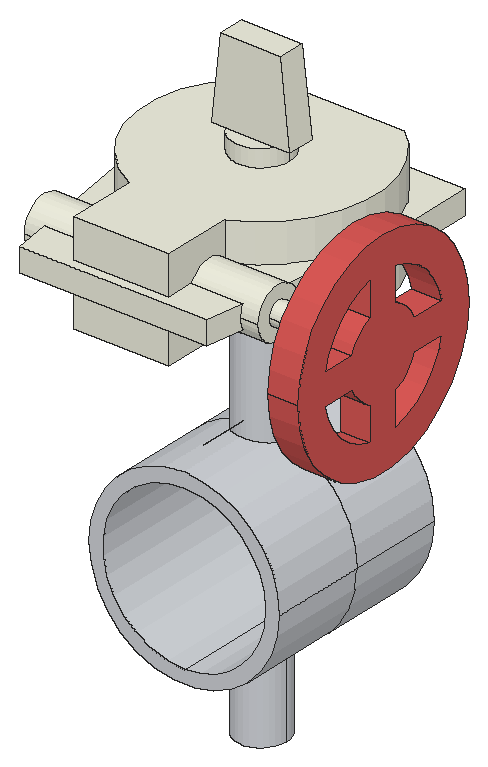
Revit family
Parameters (values of type "4"")
  PR = PD / 2  # 57.15 mm
  PD = 114.3 mm
  NR = ND / 2  # 48.9 mm
  ND = 97.8 mm
  EtE = 115.400 mm
  CtE = EtE / 2  # 57.700 mm
  CenTT = 133.000 mm
  CenTB = 108.000 mm
  Assembly Code = ""
Types (2, lengths in mm): name | PR | PD | NR | ND | EtE | CtE | CenTT | CenTB
  2 1/2" | 36.5 | 73 | 30.4 | 60.8 | 96.000 | 48.000 | 93.000 | 85.000
  4" | 57.15 | 114.3 | 48.9 | 97.8 | 115.400 | 57.700 | 133.000 | 108.000
Reference planes
  plane 1 "Center (Front/Back)": y = 0
  plane 2: z = 0
  plane 3 "Center (Left/Right)": x = 0
  plane 4 "Ref. Level": z = 0
  plane 5: x = -42.5
  plane 6: x = -28.5
  plane 7: x = 28.5
  plane 8: y = -105
  plane 9: y = 56
  plane 10: y = -111
  plane 11: y = 62
  plane 12: x = -72.5
  plane 13: x = 72.5
  plane 14: x = -56
  plane 15: x = 56
  plane 16: x = -28
  plane 17: x = 28
  plane 18: x = -18
  plane 19: x = 18
  plane 20: z = 225
  plane 21: y = -75
  plane 22: z = 220
  plane 23: y = -84
  plane 24: y = -66
  plane 25: z = 229
  plane 26: z = 211
  plane 27: z = -108
  plane 28: z = 133
  plane 29: z = 175
  plane 30: y = -57.7
  plane 31: y = 57.7
Forms (mm)
  Extrusion 1, solid
    sketch origin (0, 0, -85) x (1, 0, 0) y (0, 0, 1)
      loop
        circle (0, 85) r 57.15
    from 0 to 57.7 <- "CtE"
  Extrusion 2, solid
    sketch origin (0, 0, -85) x (1, 0, 0) y (0, 0, 1)
      loop
        circle (0, 85) r 57.15
    from 0 to -57.7
  Extrusion 3, solid
    sketch origin (0, 0, 93) x (1, 0, 0) y (0, 1, 0)
      loop
        circle (0, 0) r 45
    from 40 to 52
  Extrusion 4, solid, material "Steel_paint"
    sketch origin (0, 0, 145) x (1, 0, 0) y (0, 1, 0)
      loop
        line (-28.5, -62.839) -> (-28.5, -105) -> (28.5, -105) -> (28.5, -62.839)
        arc (28.5, -62.839) -> (68.662, -6.824) -> (40.311, 56) r 69
        line (40.311, 56) -> (-40.311, 56)
        arc (-40.311, 56) -> (-68.662, -6.824) -> (-28.5, -62.839) r 69
    from 0 to 23
  Extrusion 5, solid, material "Steel_paint"
    sketch origin (0, 0, 168) x (1, 0, 0) y (0, 1, 0)
      loop
        line (-72.5, 62) -> (-72.5, 0) -> (-56, -111) -> (56, -111) -> (72.5, 0) -> (72.5, 62) -> (-72.5, 62)
    from 0 to 14
  Extrusion 6, solid, material "Steel_paint"
    sketch origin (0, 0, 182) x (1, 0, 0) y (0, 1, 0)
      loop
        arc (28.5, -62.839) -> (68.662, -6.824) -> (40.311, 56) r 69
        line (40.311, 56) -> (-40.311, 56)
        arc (-40.311, 56) -> (-68.662, -6.824) -> (-28.5, -62.839) r 69
        line (-28.5, -62.839) -> (-28.5, -105) -> (28.5, -105) -> (28.5, -62.839)
    from 0 to 23
  Extrusion 7, solid, material "Steel_paint"
    sketch origin (0, 0, 205) x (1, 0, 0) y (0, 1, 0)
      loop
        circle (0, 0) r 17
    from 0 to 10
  Extrusion 8, solid, material "Steel_paint"
    sketch origin (0, 0, -85) x (1, 0, 0) y (0, 0, 1)
      loop
        line (-23.556, 300) -> (23.556, 300) -> (18, 350) -> (-18, 350) -> (-23.556, 300)
    from -8 to 8
  Extrusion 9, solid, material "Steel_paint"
    sketch origin (0, 0, -85) x (0, 1, 0) y (0, 0, 1)
      loop
        circle (-75, 260) r 15
    from 0 to 70
  Extrusion 10, solid, material "Steel_paint"
    sketch origin (0, 0, -85) x (0, 1, 0) y (0, 0, 1)
      loop
        circle (-75, 260) r 15
    from 0 to -70
  Extrusion 11, solid, material "Steel_paint"
    sketch origin (-70, 0, -85) x (0, -1, 0) y (0, 0, 1)
      loop
        circle (75, 260) r 7
    from 0 to 5
  Extrusion 12, solid, material "Steel_paint"
    sketch origin (70, 0, -85) x (0, 1, 0) y (0, 0, 1)
      loop
        circle (-75, 260) r 7
    from 0 to 23
  Extrusion 13, solid, material "Alumium"
    sketch origin (93, 0, -85) x (0, 1, 0) y (0, 0, 1)
      loop
        circle (-75, 260) r 17.5
    from 0 to 22
  Extrusion 14, solid, material "Alumium"
    sketch origin (115, 0, -85) x (0, 1, 0) y (0, 0, 1)
      loop
        circle (-75, 260) r 64
      loop
        arc (-84, 304.091) -> (-106.82, 291.82) -> (-119.091, 269) r 45
        line (-119.091, 269) -> (-98.324, 269)
        arc (-98.324, 269) -> (-92.678, 277.678) -> (-84, 283.324) r 25
        line (-84, 283.324) -> (-84, 304.091)
      loop
        arc (-66, 283.324) -> (-57.322, 277.678) -> (-51.676, 269) r 25
        line (-51.676, 269) -> (-30.909, 269)
        arc (-30.909, 269) -> (-43.18, 291.82) -> (-66, 304.091) r 45
        line (-66, 304.091) -> (-66, 283.324)
      loop
        line (-98.324, 251) -> (-119.091, 251)
        arc (-119.091, 251) -> (-106.82, 228.18) -> (-84, 215.909) r 45
        line (-84, 215.909) -> (-84, 236.676)
        arc (-84, 236.676) -> (-92.678, 242.322) -> (-98.324, 251) r 25
      loop
        line (-66, 236.676) -> (-66, 215.909)
        arc (-66, 215.909) -> (-43.18, 228.18) -> (-30.909, 251) r 45
        line (-30.909, 251) -> (-51.676, 251)
        arc (-51.676, 251) -> (-57.322, 242.322) -> (-66, 236.676) r 25
    from 0 to 18
  Extrusion 15, solid
    sketch origin (-616.46, -1524, -108) x (-1, 0, 0) y (0, -1, 0)
      loop
        circle (-616.46, -1524) r 15
    from 0 to 241
  Extrusion 16, void
    sketch origin (0, 57.7, -36.5) x (0, 0, 1) y (-1, 0, 0)
      loop
        circle (36.5, 0) r 48.9
    from 0 to 115.4 <- "EtE"
Cuts and joins
  Extrusion 16 cuts Extrusion 1
  Extrusion 16 cuts Extrusion 2
  Extrusion 16 cuts Extrusion 3
  Extrusion 16 cuts Extrusion 15
  joined: Extrusion 1, Extrusion 2, Extrusion 3, Extrusion 15
  joined: Extrusion 4, Extrusion 5, Extrusion 6, Extrusion 7, Extrusion 8, Extrusion 9, Extrusion 10, Extrusion 11, Extrusion 12
  joined: Extrusion 13, Extrusion 14
Dimensions and locks
  plane 8 to plane 1 "Center (Front/Back)" = 105.000 mm
  plane 1 "Center (Front/Back)" to plane 9 = 56.000 mm
  plane 10 to plane 1 "Center (Front/Back)" = 111.000 mm
  plane 1 "Center (Front/Back)" to plane 11 = 62.000 mm
  plane 12 to plane 3 "Center (Left/Right)" = 72.500 mm
  plane 3 "Center (Left/Right)" to plane 13 = 72.500 mm
  plane 14 to plane 3 "Center (Left/Right)" = 56.000 mm
  plane 3 "Center (Left/Right)" to plane 15 = 56.000 mm
  plane 3 "Center (Left/Right)" to plane 16 = 28.000 mm
  plane 20 to Extrusion 7 = 10.000 mm
  plane 21 to plane 1 "Center (Front/Back)" = 75.000 mm
  plane 22 to level = 220.000 mm
  plane 3 "Center (Left/Right)" to plane 5 = 42.500 mm
  plane 4 "Ref. Level" to level = 0.000 mm
  "CenTB": level to plane 27
  "CenTT": plane 28 to level
  locked: cut or joined group 1 (Extrusion 4, Extrusion 5, Extrusion 6, Extrusion 7, Extrusion 8, Extrusion 9, Extrusion 10, Extrusion 11, Extrusion 12) to cut or joined group of Extrusion 1, Extrusion 2, Extrusion 3, Extrusion 15, Extrusion 16 at 12
  locked: cut or joined group 1 to cut or joined group 1 at 60
  locked: plane 29 to plane 28 at 42
  locked: cut or joined group 1 to cut or joined group 1 at 10
  locked: cut or joined group 1 to cut or joined group 1 at 50
  equal spacing: cut or joined group 1, plane 1 "Center (Front/Back)", cut or joined group 1
  "CtE": plane 31 to plane 1 "Center (Front/Back)"
  "CtE": plane 1 "Center (Front/Back)" to plane 30
  "PR": radius of Extrusion 1 sketch curve
  "NR": radius of Extrusion 16 sketch curve
  "PR": radius of Extrusion 2 sketch curve
  aligned and locked: level to plane 2
  aligned and locked: plane 28 to cut or joined group of Extrusion 1, Extrusion 2, Extrusion 3, Extrusion 15, Extrusion 16
  aligned and locked: Extrusion 15 to Extrusion 3
  aligned and locked: plane 29 to cut or joined group 1
  aligned and locked: Extrusion 3 to cut or joined group 1
  aligned and locked: Extrusion 8 to Extrusion 7
  aligned and locked: plane 30 to cut or joined group of Extrusion 1, Extrusion 2, Extrusion 3, Extrusion 15, Extrusion 16
  aligned and locked: plane 31 to cut or joined group of Extrusion 1, Extrusion 2, Extrusion 3, Extrusion 15, Extrusion 16
Automatic sketch dimensions
  Extrusion 1 sketch curve to level = 0.000 mm
  Extrusion 1 sketch curve to plane 3 "Center (Left/Right)" = 0.000 mm
  Extrusion 2 sketch curve to level = 0.000 mm
  Extrusion 2 sketch curve to plane 3 "Center (Left/Right)" = 0.000 mm
  plane 1 "Center (Front/Back)" to Extrusion 3 sketch curve = 0.000 mm
  Extrusion 3 sketch curve to plane 3 "Center (Left/Right)" = 0.000 mm
  Extrusion 4 sketch curve to Extrusion 4 sketch curve = 28.500 mm
  Extrusion 4 sketch curve to Extrusion 4 sketch curve = 40.311 mm
  Extrusion 4 sketch curve to Extrusion 4 sketch curve = 57.000 mm
  Extrusion 4 sketch curve to Extrusion 4 sketch curve = 42.161 mm
  Extrusion 4 to Extrusion 5 sketch curve = 6.000 mm  (x2)
  Extrusion 4 to Extrusion 5 sketch curve = 44.000 mm  (x2)
  Extrusion 4 to Extrusion 5 sketch curve = 27.500 mm  (x2)
  Extrusion 5 sketch curve to Extrusion 4 = 56.000 mm  (x2)
  Extrusion 6 sketch curve to Extrusion 6 sketch curve = 0.000 mm  (x2)
  Extrusion 6 sketch curve to Extrusion 5 = 6.000 mm  (x2)
  Extrusion 6 sketch curve to Extrusion 5 = 32.189 mm  (x2)
  Extrusion 6 sketch curve to Extrusion 5 = 44.000 mm  (x2)
  Extrusion 6 sketch curve to Extrusion 6 sketch curve = 40.311 mm
  Extrusion 6 sketch curve to Extrusion 6 sketch curve = 42.161 mm
  plane 16 to Extrusion 8 sketch curve = 4.444 mm
  Extrusion 8 sketch curve to plane 18 = 0.000 mm
  Extrusion 8 sketch curve to plane 19 = 0.000 mm
  Extrusion 8 sketch curve to plane 17 = 4.444 mm
  plane 20 to Extrusion 8 sketch curve = 40.000 mm
  plane 22 to Extrusion 8 sketch curve = 5.000 mm
  Extrusion 9 sketch curve to plane 21 = 0.000 mm
  plane 28 to Extrusion 9 sketch curve = 42.000 mm
  Extrusion 10 sketch curve to Extrusion 10 sketch curve = 0.000 mm  (x2)
  Extrusion 10 sketch curve to plane 21 = 0.000 mm
  Extrusion 10 sketch curve to plane 21 = 15.000 mm
  plane 28 to Extrusion 10 sketch curve = 42.000 mm
  Extrusion 14 sketch curve to Extrusion 14 sketch curve = 9.000 mm  (x2)
  Extrusion 14 sketch curve to Extrusion 14 sketch curve = 14.324 mm  (x2)
  Extrusion 14 sketch curve to Extrusion 14 sketch curve = 0.000 mm  (x2)
  Extrusion 14 sketch curve to Extrusion 14 sketch curve = 18.000 mm  (x2)
  plane 1 "Center (Front/Back)" to Extrusion 15 sketch curve = 0.000 mm
  Extrusion 15 sketch curve to plane 3 "Center (Left/Right)" = 0.000 mm
  Extrusion 16 sketch curve to level = 0.000 mm
  Extrusion 16 sketch curve to plane 3 "Center (Left/Right)" = 0.000 mm
  radius of Extrusion 3 sketch curve = 45.000 mm
  radius of Extrusion 3 to Extrusion 4 sketch curve = 24.000 mm  (x2)
  radius of Extrusion 7 sketch curve to Extrusion 6 = 52.000 mm
  radius of Extrusion 9 sketch curve = 15.000 mm
  radius of Extrusion 11 sketch curve to Extrusion 10 = 8.000 mm
  radius of Extrusion 12 sketch curve to Extrusion 9 = 8.000 mm
  radius of Extrusion 12 to Extrusion 13 sketch curve = 10.500 mm
  radius of Extrusion 13 to Extrusion 14 sketch curve = 46.500 mm
  radius of Extrusion 13 to Extrusion 14 sketch curve = 27.500 mm  (x4)
  radius of Extrusion 13 to Extrusion 14 sketch curve = 7.500 mm  (x4)
  radius of Extrusion 15 sketch curve = 15.000 mm
Connectors
  piping at (0, 57.7, 0), driven by "NR"
    settings: on cut or joined group of Extrusion 1, Extrusion 2, Extrusion 3, Extrusion 15, Extrusion 16, index 1, connector radius 48.9 mm, flow factor 0, pipe flow 0.0 L/s, pressure drop 0.0 Pa, fitting loss kfactor 0, connector angle 0.00°, fixture units 0, flow configuration 0, flow direction 0, fitting loss method 0, system type 7, connector reference index 2, connector utility 0, adjustable connector no, is connector primary yes, fitting loss table "", connector description ""
  piping at (0, -57.7, 0), driven by "NR"
    settings: on cut or joined group of Extrusion 1, Extrusion 2, Extrusion 3, Extrusion 15, Extrusion 16, index 2, connector radius 48.9 mm, flow factor 0, pipe flow 0.0 L/s, pressure drop 0.0 Pa, fitting loss kfactor 0, connector angle 0.00°, fixture units 0, flow configuration 0, flow direction 0, fitting loss method 0, system type 7, connector reference index 1, connector utility 0, adjustable connector no, is connector primary no, fitting loss table "", connector description ""
